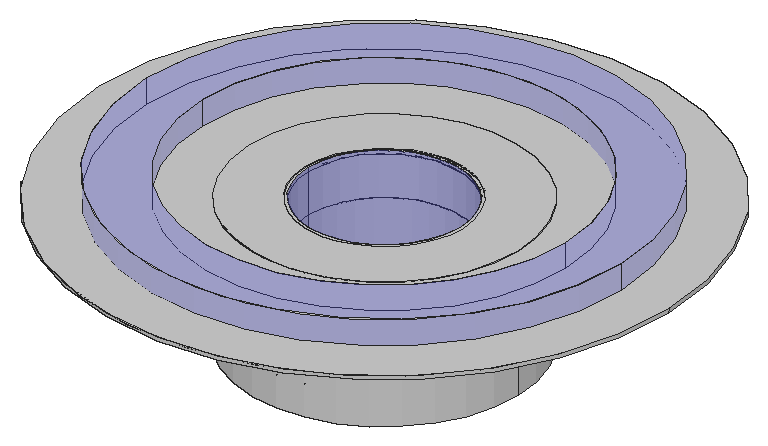
Revit family "55942_HOST_FACE", category Lighting Fixtures, host Face, Revit 2020
Family settings
  Host = Face
  Round Connector Dimension = Use Diameter
  Part Type = Normal
  Cut with Voids When Loaded = Yes
  Light Source = Yes
  Shared = No
  Room Calculation Point = No
Parameters (values of type "LED semi-recessed - Symmetrical")
  Wattage = 4.53071 W
  built-in parameter 1150110 = 1 (stored number, unit not read)
  URL = "www.bega-us.com"
  built-in parameter 1114217 = 1 (stored number, unit not read)
  Tilt Angle = 180.00°
  built-in parameter 1150109 = 1 (stored number, unit not read)
  built-in parameter 1150134 = 12
  Telephone = "805.684.0533"
  built-in parameter 1150113 = 1 (stored number, unit not read)
  Photometric Web File = "55942K4.ies"
  Model = "55 942"
  Manufacturer = "BEGA-US"
  built-in parameter 1150105 = 673 (stored number, unit not read)
  Lumens = 673 lm
  built-in parameter 1150115 = 1 (stored number, unit not read)
  built-in parameter 1150137 = (empty or 0)
  built-in parameter 1150139 = (empty or 0)
  built-in parameter 1150112 = 1 (stored number, unit not read)
  built-in parameter 1150114 = 1 (stored number, unit not read)
  Lamp = "8.4W LED"
  built-in parameter 1150132 = 2
  built-in parameter 1150102 = (empty or 0)
  built-in parameter 1150107 = 4000 (stored number, unit not read)
  built-in parameter 1150138 = (empty or 0)
  built-in parameter 1150106 = 6.73 (stored number, unit not read)
  built-in parameter 1150104 = 13.8 (stored number, unit not read)
  Dimming Lamp Color Temperature Shift = <None>
  Description = "LED semi-recessed - Symmetrical"
  Default Elevation = 6' - 0"
  Color Filter = 16777215
  built-in parameter 1114218 = 1 (stored number, unit not read)
  built-in parameter 1150133 = 10 (stored number, unit not read)
Types (5): name | Wattage | Tilt Angle | built-in parameter 1150134 | Photometric Web File | Model | built-in parameter 1150105 | Lumens | Lamp | built-in parameter 1150107 | built-in parameter 1150106 | Description
  (no name) | 4.53071 W | 180.00° | 12 | "55942K4.ies" | "55 942" | 673 (stored number, unit not read) | 673 lm | "8.4W LED" | 4000 (stored number, unit not read) | 6.73 (stored number, unit not read) | "LED semi-recessed - Symmetrical"
  Wall Luminaires - Directed Light | 18.4392 W | 90.00° | (empty or 0) | "generic" | "2260LED" | 217.96 (stored number, unit not read) | 2739 lm | "44.6W LED" | 3000 (stored number, unit not read) | 2.1796 (stored number, unit not read) | "Surface wall with cutoff optics"
  Wall Luminaires - Linear | 9.92985 W | 90.00° | 9 | "generic" | "4425P" | 117.38 (stored number, unit not read) | 1475 lm | "(1) 39W CF twin-4-p" | 3450 (stored number, unit not read) | 1.1738 (stored number, unit not read) | "Suface wall - linear with white acrylic diffuser"
  Ceiling and Wall Luminaires - Unshielded | 4.53071 W | 180.00° | 12 | "55942K4.ies" | "55 942" | 673 (stored number, unit not read) | 673 lm | "8.4W LED" | 4000 (stored number, unit not read) | 6.73 (stored number, unit not read) | "LED semi-recessed - Symmetrical"
  LED semi-recessed - Symmetrical | 4.53071 W | 180.00° | 12 | "55942K4.ies" | "55 942" | 673 (stored number, unit not read) | 673 lm | "8.4W LED" | 4000 (stored number, unit not read) | 6.73 (stored number, unit not read) | "LED semi-recessed - Symmetrical"
Reference planes (in)
  plane 1 "Center (Front/Back)": y = 0
  plane 2: z = 0
  plane 3 "Center (Left/Right)": x = 0
Dimensions and locks (in)
  aligned and locked: plane 2 to host face
  aligned and locked: level to host face
Nested families (in)
  nested 1: "55942" at (-0.12623, -0.00706, 0), type "55942"
Connectors (in)
  electrical at (0, 0, 0)
    settings: on host face, index 1, voltage 0 V, apparent load 0 VA, apparent load phase1 0 VA, apparent load phase2 0 VA, apparent load phase3 0 VA, power factor 1, load classification "Other", number of poles 1, system type 31, power factor state 1, is connector primary yes, connector utility no, sub classification motor no, connector description ""
Definition of nested family "55942"
  Parameters
    Default Elevation = 0' - 0"
  Reference planes (in)
    plane 1 "Center (Front/Back)": y = 0
    plane 2: z = 0
    plane 3 "Center (Left/Right)": x = 0
  Forms (in)
    Extrusion 1, solid
      sketch origin (0.09401, 0.03245, 0.73726) x (1, 0, 0) y (0, -1, 0.000742)
        loop
          circle (0, 0) r 4.5
      from 0.70256 to 0.65226
    Extrusion 2, solid
      sketch origin (0.09401, 0.03245, 0.73726) x (1, 0, 0) y (0, -1, 0.000742)
        loop
          circle (0, 0) r 3.25
      from 1.32034 to 0.70256
    Extrusion 3, solid
      sketch origin (0.09401, 0.03245, 0.73726) x (1, 0, 0) y (0, -1, 0.000742)
        loop
          circle (0, 0) r 2.125
      from 2.70321 to 1.32034
    Extrusion 4, void
      sketch origin (0.09401, 0.03245, 0.73726) x (1, 0, 0) y (0, -1, 0.000742)
        loop
          circle (0, 0) r 1.20453
      from 2.22628 to 0.65226
    Extrusion 5, solid
      sketch origin (0.09401, 0.03245, 0.73726) x (1, 0, 0) y (0, -1, 0.000742)
        loop
          circle (0, 0) r 3.75
        loop
          circle (0, 0) r 2.875
      from 0.65226 to 0.27726
    Extrusion 6, solid
      sketch origin (0.09401, 0.03245, 0.73726) x (1, 0, 0) y (0, -1, 0.000742)
        loop
          circle (0, 0) r 2.125
        loop
          circle (0, 0) r 1.25
      from 2.22628 to 0.65226
    Extrusion 7, solid
      sketch origin (0.09401, 0.03245, 0.73726) x (1, 0, 0) y (0, -1, 0.000742)
        loop
          circle (0, 0) r 1.20453
      from 0.70256 to 0.65226
  Cuts and joins
    Extrusion 4 cuts Extrusion 1
    Extrusion 4 cuts Extrusion 2
    Extrusion 4 cuts Extrusion 3
  Dimensions and locks (in)
    aligned and locked: plane 2 to level
